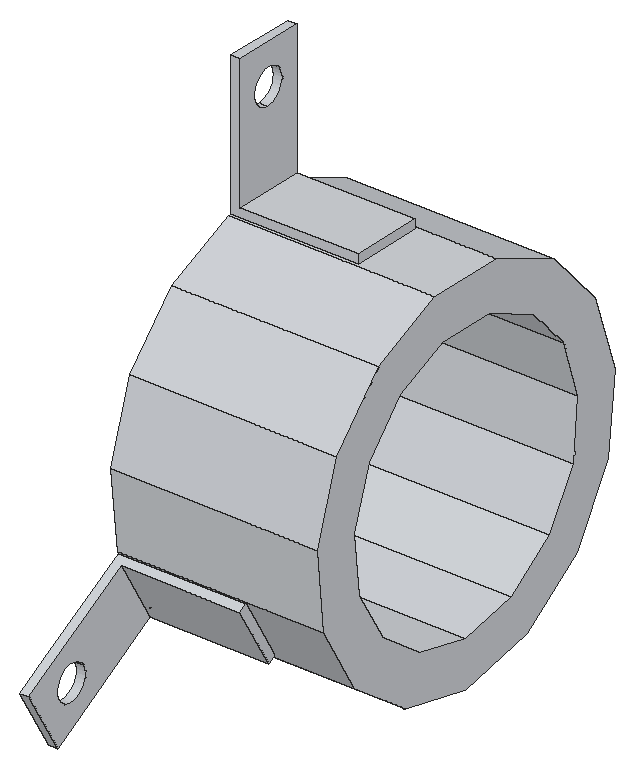
Revit family "50R", category Pipe Accessories, Revit 2019
Family settings
  Round Connector Dimension = Use Diameter
  Part Type = Breaks Into
  Work Plane-Based = No
  Always vertical = No
  Cut with Voids When Loaded = No
  Shared = No
Parameters
  URL = "https://www.snapcollars.com.au/"
  Model = "50R"
  Manufacturer = "Snap Fire Systems"
  Description = "The 50R is a metal, retro-fit fire collar for fire-rated plasterboard, concrete and masonry walls, and concrete floor slabs."
Reference planes
  plane 1 "Center (Front/Back)": y = 0
  plane 2: z = 0
  plane 3 "Center (Left/Right)": x = -139.129
  plane 4: x = -230
  plane 5: x = -208.636
  plane 6: x = -210
Forms (mm)
  Extrusion 1, solid, material "PVC-White", not visible, detail levels fine
    sketch origin (0, 0, 0) x (1, 0, 0) y (0, 0, 1)
      loop
        line (-80, 60.418) -> (-227.967, 86.048) -> (-227.967, 69.12) -> (-80, 60.418)
    from -1.5 to 1.5
  Extrusion 2, solid, material "PVC-White", not visible, detail levels fine
    sketch origin (0, 0, 0) x (1, 0, 0) y (0, -0.5, 0.866025)
      loop
        line (-80, 60.418) -> (-227.967, 86.048) -> (-227.967, 69.12) -> (-80, 60.418)
    from -1.5 to 1.5
  Extrusion 3, solid, material "PVC-White", not visible, detail levels fine
    sketch origin (0, 0, 0) x (1, 0, 0) y (0, -0.866025, 0.5)
      loop
        line (-80, 60.418) -> (-227.967, 86.048) -> (-227.967, 69.12) -> (-80, 60.418)
    from -1.5 to 1.5
  Extrusion 4, solid, material "PVC-White", not visible, detail levels fine
    sketch origin (0, 0, 0) x (0, -1, 0) y (-1, 0, 0)
      loop
        line (60.418, 80) -> (86.048, 227.967) -> (69.12, 227.967) -> (60.418, 80)
    from -1.5 to 1.5
  Extrusion 5, solid, material "PVC-White", not visible, detail levels fine
    sketch origin (0, 0, 0) x (1, 0, 0) y (0, -0.866025, -0.5)
      loop
        line (-80, 60.418) -> (-227.967, 86.048) -> (-227.967, 69.12) -> (-80, 60.418)
    from -1.5 to 1.5
  Extrusion 6, solid, material "PVC-White", not visible, detail levels fine
    sketch origin (0, 0, 0) x (1, 0, 0) y (0, -0.5, -0.866025)
      loop
        line (-80, 60.418) -> (-227.967, 86.048) -> (-227.967, 69.12) -> (-80, 60.418)
    from -1.5 to 1.5
  Extrusion 7, solid, material "PVC-White", not visible, detail levels fine
    sketch origin (0, 0, 0) x (1, 0, 0) y (0, 0, -1)
      loop
        line (-80, 60.418) -> (-227.967, 86.048) -> (-227.967, 69.12) -> (-80, 60.418)
    from -1.5 to 1.5
  Extrusion 8, solid, material "PVC-White", not visible, detail levels fine
    sketch origin (0, 0, 0) x (1, 0, 0) y (0, 0.5, -0.866025)
      loop
        line (-80, 60.418) -> (-227.967, 86.048) -> (-227.967, 69.12) -> (-80, 60.418)
    from -1.5 to 1.5
  Extrusion 9, solid, material "PVC-White", not visible, detail levels fine
    sketch origin (0, 0, 0) x (1, 0, 0) y (0, 0.866025, -0.5)
      loop
        line (-80, 60.418) -> (-227.967, 86.048) -> (-227.967, 69.12) -> (-80, 60.418)
    from -1.5 to 1.5
  Extrusion 10, solid, material "PVC-White", not visible, detail levels fine
    sketch origin (0, 0, 0) x (1, 0, 0) y (0, 1, 0)
      loop
        line (-80, 60.418) -> (-227.967, 86.048) -> (-227.967, 69.12) -> (-80, 60.418)
    from -1.5 to 1.5
  Extrusion 11, solid, material "PVC-White", not visible, detail levels fine
    sketch origin (0, 0, 0) x (1, 0, 0) y (0, 0.866025, 0.5)
      loop
        line (-80, 60.418) -> (-227.967, 86.048) -> (-227.967, 69.12) -> (-80, 60.418)
    from -1.5 to 1.5
  Extrusion 12, solid, material "PVC-White", not visible, detail levels fine
    sketch origin (0, 0, 0) x (1, 0, 0) y (0, 0.5, 0.866025)
      loop
        line (-80, 60.418) -> (-227.967, 86.048) -> (-227.967, 69.12) -> (-80, 60.418)
    from -1.5 to 1.5
  Extrusion 13, solid
    sketch origin (-230, 2000, 1200) x (0, 1, 0) y (0, 0, 1)
      loop
        line (-2006.589, -1169) -> (-2018.628, -1174.36) -> (-2027.447, -1184.154) -> (-2031.519, -1196.687) -> (-2030.141, -1209.794) -> (-2023.552, -1221.206) -> (-2012.891, -1228.953) -> (-2000, -1231.693) -> (-1987.109, -1228.953) -> (-1976.448, -1221.206) -> (-1969.859, -1209.794) -> (-1968.481, -1196.687) -> (-1972.553, -1184.154) -> (-1981.372, -1174.36) -> (-1993.411, -1169) -> (-2006.589, -1169)
      loop
        line (-2008.715, -1159) -> (-2024.638, -1166.089) -> (-2036.3, -1179.042) -> (-2041.686, -1195.619) -> (-2039.864, -1212.953) -> (-2031.15, -1228.047) -> (-2017.049, -1238.292) -> (-2000, -1241.916) -> (-1982.951, -1238.292) -> (-1968.85, -1228.047) -> (-1960.136, -1212.953) -> (-1958.314, -1195.619) -> (-1963.7, -1179.042) -> (-1975.362, -1166.089) -> (-1991.285, -1159) -> (-2008.715, -1159)
    from 0 to 46.5
  Extrusion 14, solid, not visible
    sketch origin (-230, 23.225, 34.758) x (0, -0.92388, 0.382683) y (1, 0, 0)
      loop
        line (16.311, 91) -> (0, 91) -> (0, 65) -> (16.311, 65) -> (16.311, 91)
    from 0 to 3
  Extrusion 15, solid, not visible
    sketch origin (-230, 24.373, 37.53) x (0, -0.92388, 0.382683) y (1, 0, 0)
      loop
        line (16.311, 91) -> (0, 91) -> (0, 88) -> (16.311, 88) -> (16.311, 91)
    from 0 to 21
  Extrusion 16, solid, not visible
    sketch origin (-230, 29.556, 29.418) x (0, -0.828512, 0.559971) y (1, 0, 0)
      loop
        line (16.311, 91) -> (0, 91) -> (0, 65) -> (16.311, 65) -> (16.311, 91)
    from 0 to 3
  Extrusion 17, solid, not visible
    sketch origin (-230, 31.236, 31.904) x (0, -0.828512, 0.559971) y (1, 0, 0)
      loop
        line (16.311, 91) -> (0, 91) -> (0, 88) -> (16.311, 88) -> (16.311, 91)
    from 0 to 21
  Extrusion 18, solid, not visible
    sketch origin (-230, -15.852, 38.571) x (0, -0.83464, -0.550797) y (1, 0, 0)
      loop
        line (16.311, 91) -> (0, 91) -> (0, 65) -> (16.311, 65) -> (16.311, 91)
    from 0 to 3
  Extrusion 19, solid, not visible
    sketch origin (-230, -17.504, 41.075) x (0, -0.83464, -0.550797) y (1, 0, 0)
      loop
        line (16.311, 91) -> (0, 91) -> (0, 88) -> (16.311, 88) -> (16.311, 91)
    from 0 to 21
  Extrusion 20, solid, not visible
    sketch origin (-230, 29.261, -29.712) x (0, 0.564361, 0.825528) y (1, 0, 0)
      loop
        line (16.311, 91) -> (0, 91) -> (0, 65) -> (16.311, 65) -> (16.311, 91)
    from 0 to 3
  Extrusion 21, solid, not visible
    sketch origin (-230, 31.738, -31.405) x (0, 0.564361, 0.825528) y (1, 0, 0)
      loop
        line (16.311, 91) -> (0, 91) -> (0, 88) -> (16.311, 88) -> (16.311, 91)
    from 0 to 21
  Extrusion 22, solid, not visible
    sketch origin (-230, -38.657, -15.64) x (0, 0.54621, -0.837649) y (1, 0, 0)
      loop
        line (16.311, 91) -> (0, 91) -> (0, 65) -> (16.311, 65) -> (16.311, 91)
    from 0 to 3
  Extrusion 23, solid, not visible
    sketch origin (-230, -41.17, -17.279) x (0, 0.54621, -0.837649) y (1, 0, 0)
      loop
        line (16.311, 91) -> (0, 91) -> (0, 88) -> (16.311, 88) -> (16.311, 91)
    from 0 to 21
  Extrusion 24, solid
    sketch origin (0, 0, 24.882) x (1, 0, 0) y (0, 0, 1)
      loop
        line (-201.343, 16.118) -> (-201.343, 18.118) -> (-228.024, 18.118) -> (-228.024, 48.118) -> (-230, 48.118) -> (-230, 40) -> (-230, 16.118) -> (-201.343, 16.118)
    from -8 to 8
  Extrusion 25, void
    sketch origin (-228.024, 0, 77.882) x (0, 0, -1) y (0, 1, 0)
      loop
        circle (14, 0) r 4
    from -10.829 to 2.558
  Extrusion 26, solid, not visible
    sketch origin (0, 0, 24.882) x (1, 0, 0) y (0, 0, 1)
      loop
        line (-201.343, 16.118) -> (-201.343, 18.118) -> (-228.024, 18.118) -> (-228.024, 48.118) -> (-230, 48.118) -> (-230, 40) -> (-230, 16.118) -> (-201.343, 16.118)
    from -8 to 8
  Extrusion 27, void, not visible
    sketch origin (-228.024, 0, 77.882) x (0, 0, -1) y (0, 1, 0)
      loop
        circle (14, 0) r 4
    from -10.829 to 2.558
  Extrusion 28, solid
    sketch origin (0, -21.549, -12.441) x (1, 0, 0) y (0, -0.866025, -0.5)
      loop
        line (-201.343, 16.118) -> (-201.343, 18.118) -> (-228.024, 18.118) -> (-228.024, 48.118) -> (-230, 48.118) -> (-230, 40) -> (-230, 16.118) -> (-201.343, 16.118)
    from -8 to 8
  Extrusion 29, void
    sketch origin (-228.024, -67.448, -38.941) x (0, 0.866025, 0.5) y (0, -0.5, 0.866025)
      loop
        circle (14, 0) r 4
    from -10.829 to 2.558
  Extrusion 30, solid
    sketch origin (0, 21.549, -12.441) x (1, 0, 0) y (0, 0.866025, -0.5)
      loop
        line (-201.343, 16.118) -> (-201.343, 18.118) -> (-228.024, 18.118) -> (-228.024, 48.118) -> (-230, 48.118) -> (-230, 40) -> (-230, 16.118) -> (-201.343, 16.118)
    from -8 to 8
  Extrusion 31, void
    sketch origin (-228.024, 67.448, -38.941) x (0, -0.866025, 0.5) y (0, -0.5, -0.866025)
      loop
        circle (14, 0) r 4
    from -10.829 to 2.558
Cuts and joins
  Extrusion 25, Extrusion 29 cuts Extrusion 24
  Extrusion 29 cuts Extrusion 28
  Extrusion 31 cuts Extrusion 30
Lines and regions (mm)
  model lines
    curve 1: circle (-230, 0, 0) r 31 normal (1, 0, 0)
    curve 2: circle (-230, 0, 0) r 73 normal (1, 0, 0)
    curve 3: circle (-230, 0, 0) r 63 normal (1, 0, 0)
Dimensions and locks
  locked: plane 4 to plane 3 "Center (Left/Right)" at 90.871
  Extrusion 1 sketch curve to Extrusion 1 sketch curve = 0 mm
  Extrusion 2 sketch curve to Extrusion 2 sketch curve = 0 mm
  Extrusion 3 sketch curve to Extrusion 3 sketch curve = 0 mm
  Extrusion 4 sketch curve to Extrusion 4 sketch curve = 0 mm
  Extrusion 5 sketch curve to Extrusion 5 sketch curve = 0 mm
  Extrusion 6 sketch curve to Extrusion 6 sketch curve = 0 mm
  Extrusion 7 sketch curve to Extrusion 7 sketch curve = 0 mm
  Extrusion 8 sketch curve to Extrusion 8 sketch curve = 0 mm
  Extrusion 9 sketch curve to Extrusion 9 sketch curve = 0 mm
  Extrusion 10 sketch curve to Extrusion 10 sketch curve = 0 mm
  Extrusion 11 sketch curve to Extrusion 11 sketch curve = 0 mm
  Extrusion 12 sketch curve to Extrusion 12 sketch curve = 0 mm
  aligned and locked: level to plane 2
Connectors
  piping at (-210, 0, 0), diameter 62
    settings: on plane 6, index 4, connector inside diameter 609.6 mm, connector length 0 mm, flow factor 0, pipe flow 0.0 L/s, pressure drop 0.0 Pa, fitting loss kfactor 0, connector angle 0.00°, fixture units 0, engagement length 0 mm, angle of deflection 0.00°, flow configuration 0, flow direction 0, fitting loss method 0, system type 7, joint type 0, gender type 0, connector reference index -1, connector utility 0, adjustable connector no, is connector primary yes, connector description ""
  piping at (-208.636, 0, 0), diameter 62
    settings: on plane 5, index 5, connector inside diameter 609.6 mm, connector length 0 mm, flow factor 0, pipe flow 0.0 L/s, pressure drop 0.0 Pa, fitting loss kfactor 0, connector angle 0.00°, fixture units 0, engagement length 0 mm, angle of deflection 0.00°, flow configuration 0, flow direction 0, fitting loss method 0, system type 7, joint type 0, gender type 0, connector reference index -1, connector utility 0, adjustable connector no, is connector primary no, connector description ""
